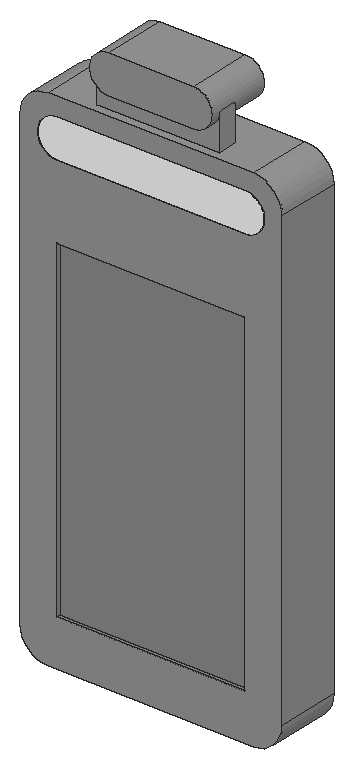
Revit family "CAME_Термосканер_СистемКонтроля_SEP-FRTMP01", category Специальное оборудование, Revit 2019
Family settings
  Размер круглого соединителя = Использовать диаметр
  Тип детали = Нормальный
  На основе рабочей плоскости = Нет
  Всегда вертикально = Да
  При загрузке вырезать с полостями = Нет
  Общий = Нет
  Точка расчета площади = Нет
Parameters
  Описание = "Термосканер для систем контроля доступа. Многофункциональный терминал с 8-дюймовым дисплеем с функциями измерения температуры, распознавания лиц и контроля наличия маски. Ёмкость хранения: 20 000 лиц. Время распознавания лица: 0,5 с. Материал: Пластик, текстолит, алюминий."
  Изготовитель = "CAME"  # constant formula
  Группа модели = "Турникеты"
  Watermark [instance] = "Модели защищены уникальным кодом"
  URL = "https://camerussia.com"
  CAME_Диапазон рабочих температур (°C) = "-0 ÷ +40"  # constant formula
  BL_Разработано = "support@bimlib.pro"  # constant formula
  BL_Email = "cru.info@came.com"  # constant formula
  BL_BIM library = "https://bimlib.pro/manufacturer/came/cf0b6efe-31e5-4ffa-b7ea-1d6fa84041d4/?tab=products"
  ADSK_Размер_Ширина = 138.6 mm  # constant formula
  ADSK_Размер_Глубина = 34.2 mm  # constant formula
  ADSK_Размер_Высота = 301.8 mm  # constant formula
  ADSK_Полная мощность = ADSK_Номинальная мощность / ADSK_Коэффициент мощности  # 12.5 VA
  ADSK_Обозначение = "ТУ 26.30.50-001-89603926-2021"  # constant formula
  ADSK_Номинальная мощность = 12 W  # constant formula
  ADSK_Напряжение = 12 V  # constant formula
  ADSK_Наименование краткое = "Термосканер SEP-FRTMP01"  # constant formula
  ADSK_Наименование = "Термосканер SEP-FRTMP01 для систем контроля доступа с функцией контроля наличия маски"  # constant formula
  ADSK_Масса_Текст = "1.66 кг"  # constant formula
  ADSK_Масса = 1.66  # constant formula
  ADSK_Марка = "АРТ:815XC-0010"  # constant formula
  ADSK_Коэффициент мощности = 0.96
  ADSK_Количество фаз = 1  # constant formula
  ADSK_Количество = 1  # constant formula
  ADSK_Код изделия = "Код КСР 26.30.50.119.61.2.07.09"  # constant formula
  ADSK_Классификация нагрузок = Прочее
  ADSK_Завод-изготовитель = "CAME"  # constant formula
  ADSK_Единица измерения = "шт."  # constant formula
  ADSK_Группирование = "Термосканер"  # constant formula
  ADSK_Версия семейства = "1.0"  # constant formula
  ADSK_Версия Revit = "2019"  # constant formula
  ADSK_URL страницы изделия = "https://camerussia.com/product/815xc-0010/"
  ADSK_URL документации изделия = "https://camerussia.com/uploads/support/instructions/files/Руководство%20пользователя%20терминала%20распознавания%20лиц.pdf"
Reference planes
  plane 1 "По центру (Вперед/Назад)": y = 0
  plane 2: z = 0
  plane 3 "По центру (Влево/Вправо)": x = 0
  plane 4: z = 301.8
  plane 5: x = 69.3
  plane 6: x = -69.3
  plane 7: y = -34.2
  plane 8: z = 271.8
Forms (mm)
  Extrusion 1, solid, material "CAME_Пластик_Черный", detail levels fine
    sketch origin (0, 0, 0) x (1, 0, 0) y (0, 0, 1)
      loop
        arc (-54.3, 271.8) -> (-64.907, 267.407) -> (-69.3, 256.8) r 15
        line (-69.3, 256.8) -> (-69.3, 15)
        arc (-69.3, 15) -> (-64.907, 4.393) -> (-54.3, 0) r 15
        line (-54.3, 0) -> (54.3, 0)
        arc (54.3, 0) -> (64.907, 4.393) -> (69.3, 15) r 15
        line (69.3, 15) -> (69.3, 256.8)
        arc (69.3, 256.8) -> (64.907, 267.407) -> (54.3, 271.8) r 15
        line (54.3, 271.8) -> (-54.3, 271.8)
    from 0 to 34.2
  Extrusion 2, solid, material "CAME_Пластик_Черный", detail levels fine
    sketch origin (0, 0, 0) x (1, 0, 0) y (0, 0, 1)
      loop
        arc (-22.5, 301.8) -> (-32.5, 291.8) -> (-22.5, 281.8) r 10
        line (-22.5, 281.8) -> (22.5, 281.8)
        arc (22.5, 281.8) -> (32.5, 291.8) -> (22.5, 301.8) r 10
        line (22.5, 301.8) -> (-22.5, 301.8)
    from 0 to 34.2
  Extrusion 3, solid, material "CAME_Пластик_Черный", detail levels fine
    sketch origin (-925.693, -1524, 271.8) x (-1, 0, 0) y (0, -1, 0)
      loop
        line (-893.193, -1494.8) -> (-958.193, -1494.8) -> (-958.193, -1504.8) -> (-893.193, -1504.8) -> (-893.193, -1494.8)
    from 0 to 20
  Extrusion 4, void
    sketch origin (-951.655, -34.2, 1200) x (1, 0, 0) y (0, 0, 1)
      loop
        line (901.855, -1175) -> (1001.455, -1175) -> (1001.455, -997.9) -> (901.855, -997.9) -> (901.855, -1175)
      loop
        arc (901.655, -938.2) -> (891.655, -948.2) -> (901.655, -958.2) r 10
        line (901.655, -958.2) -> (1001.655, -958.2)
        arc (1001.655, -958.2) -> (1011.655, -948.2) -> (1001.655, -938.2) r 10
        line (1001.655, -938.2) -> (901.655, -938.2)
    from 0 to -2
  Extrusion 5, solid, material "CAME_Стекло_Закаленное_Черное", detail levels fine
    sketch origin (-951.655, -34.2, 1200) x (-1, 0, 0) y (0, 0, 1)
      loop
        line (-901.855, -997.9) -> (-1001.455, -997.9) -> (-1001.455, -1175) -> (-901.855, -1175) -> (-901.855, -997.9)
    from 0 to 2
  Extrusion 6, solid, material "CAME_Пластик_Белый", detail levels fine
    sketch origin (-951.655, -34.2, 1200) x (-1, 0, 0) y (0, 0, 1)
      loop
        line (-901.655, -938.2) -> (-1001.655, -938.2)
        arc (-1001.655, -938.2) -> (-1011.655, -948.2) -> (-1001.655, -958.2) r 10
        line (-1001.655, -958.2) -> (-901.655, -958.2)
        arc (-901.655, -958.2) -> (-891.655, -948.2) -> (-901.655, -938.2) r 10
    from 0 to 2
  Extrusion 7, solid, material "CAME_Пластик_Черный", detail levels medium
    sketch origin (0, 0, 0) x (1, 0, 0) y (0, 0, 1)
      loop
        arc (-54.3, 271.8) -> (-64.907, 267.407) -> (-69.3, 256.8) r 15
        line (-69.3, 256.8) -> (-69.3, 15)
        arc (-69.3, 15) -> (-64.907, 4.393) -> (-54.3, 0) r 15
        line (-54.3, 0) -> (54.3, 0)
        arc (54.3, 0) -> (64.907, 4.393) -> (69.3, 15) r 15
        line (69.3, 15) -> (69.3, 256.8)
        arc (69.3, 256.8) -> (64.907, 267.407) -> (54.3, 271.8) r 15
        line (54.3, 271.8) -> (-54.3, 271.8)
    from 0 to 34.2
Cuts and joins
  joined: Extrusion 2, Extrusion 3
  Extrusion 4 cuts Extrusion 1
Dimensions and locks
  "ADSK_Размер_Высота": plane 4 to plane 2
  equal spacing: plane 6, plane 3 "По центру (Влево/Вправо)", plane 5
  "ADSK_Размер_Ширина": plane 6 to plane 5
  "ADSK_Размер_Глубина": plane 1 "По центру (Вперед/Назад)" to plane 7
  locked: plane 4 to plane 8 at 30
  Extrusion 3 sketch curve to plane 3 "По центру (Влево/Вправо)" to Extrusion 3 sketch curve = 32.5 mm locked, 32.5 mm locked
  Extrusion 3 sketch curve to Extrusion 3 sketch curve to plane 7 = 10 mm locked, 5 mm locked
  Extrusion 4 sketch curve to plane 3 "По центру (Влево/Вправо)" to Extrusion 4 sketch curve = 49.8 mm locked, 49.8 mm locked
  Extrusion 4 sketch curve to Extrusion 4 sketch curve to plane 2 = 177.1 mm locked, 25 mm locked
  radius of Extrusion 1 sketch curve = 15 mm  (x4)
  aligned and locked: level to plane 2
  aligned and locked: Extrusion 1 sketch curve to plane 8
  aligned and locked: plane 6 to Extrusion 1 sketch curve
  aligned and locked: plane 2 to Extrusion 1 sketch curve
  aligned and locked: Extrusion 1 sketch curve to plane 5
  aligned and locked: Extrusion 1 to plane 7
  aligned and locked: Extrusion 2 to plane 7
  aligned and locked: Extrusion 2 to plane 1 "По центру (Вперед/Назад)"
  aligned and locked: Extrusion 5 sketch curve to cut or joined group of Extrusion 1, Extrusion 4  (x4)
  aligned and locked: Extrusion 6 sketch curve to cut or joined group of Extrusion 1, Extrusion 4  (x2)
  aligned and locked: Extrusion 7 sketch curve to cut or joined group of Extrusion 1, Extrusion 4  (x4)
  aligned and locked: Extrusion 7 to plane 7
  aligned and locked: Extrusion 7 to plane 1 "По центру (Вперед/Назад)"
Automatic sketch dimensions
  Extrusion 1 sketch curve to level = 0 mm
  Extrusion 2 sketch curve to plane 3 "По центру (Влево/Вправо)" = 22.5 mm
  Extrusion 2 sketch curve to plane 5 = 46.8 mm
  Extrusion 2 sketch curve to plane 4 = 0 mm
  Extrusion 2 sketch curve to plane 4 = 10 mm
  plane 6 to Extrusion 4 sketch curve = 19.3 mm
  Extrusion 4 sketch curve to plane 5 = 19.3 mm
  Extrusion 4 sketch curve to Extrusion 4 sketch curve = 10 mm
  Extrusion 4 sketch curve to plane 8 = 30 mm
Connectors
  electrical at (0, 0, 135.9), driven by "ADSK_Количество фаз", driven by "ADSK_Напряжение", driven by "ADSK_Полная мощность", driven by "ADSK_Коэффициент мощности"
    settings: on cut or joined group of Extrusion 1, Extrusion 4, index 1, voltage 12 V, apparent load 0 VA, apparent load phase1 12.5 VA, apparent load phase2 0 VA, apparent load phase3 0 VA, power factor 0.96, load classification "Прочее", number of poles 1, system type 31, power factor state 1, is connector primary yes, connector utility no, sub classification motor no, connector description ""
